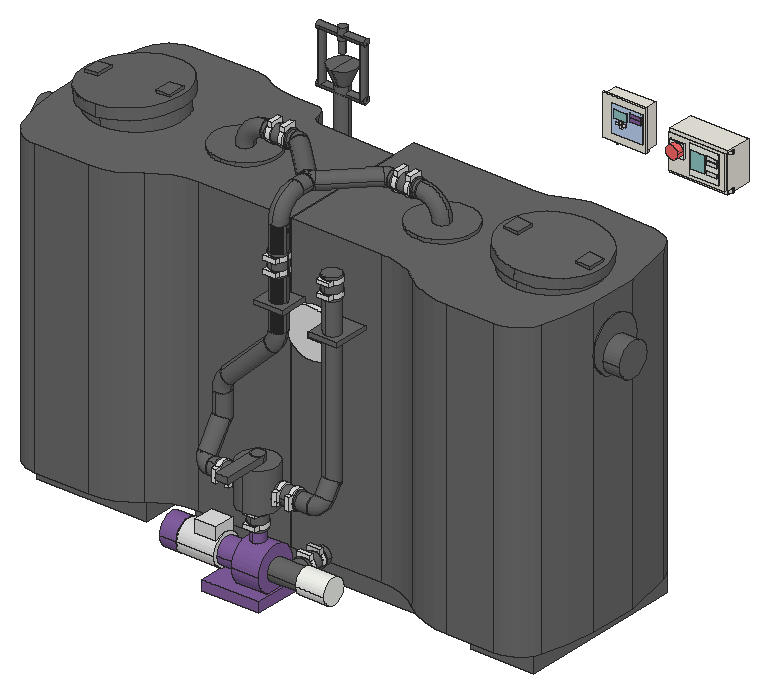
Revit family "93010.02_ms", category Generic Models, Revit 2021
Family settings
  Can host rebar = No
  Round Connector Dimension = Use Diameter
  Part Type = Normal
  Work Plane-Based = No
  Always vertical = Yes
  Cut with Voids When Loaded = No
  Shared = Yes
  Room Calculation Point = No
Parameters (values of type "93010.02_MS")
  SUPPLIER = "KESSEL"
  SA810ID06 = "4026092065051"
  SA810ID03 = "93010.02/MS"
  SA71009ID06 = 3000 W
  SA71009ID05 = 3600 W
  SA71009ID04 = 1
  SA700ID17 = 1255 mm
  SA700ID14 = "ohne Angabe"
  SA700ID13 = 70 mm
  SA700ID09 = 1678 mm
  SA700ID08 = 940 mm
  SA700ID07 = 2590 mm
  SA700ID06 = 1000
  SA700ID05 = 10
  SA700ID04 = "Grease separator EasyClean free NS 10, Mix & Pump, SonicControl"
  SA500ID03 = "Sludge trap, integrated"
  SA400ID03 = "PE (Polyethylen)"
  SA250ID03 = "temperierte Umhausung"
  SA200ID03 = "free-standing set-up"
  SA100ID04 = "Abscheideranlage für Fette (Schlammfang und Fettabscheider)"
  PROCUREWEBLINK = "https://p.caden.as/kessel/93010.02%2FMS"
  PROCURELINK = "p.caden.as/kessel/93010.02%2FMS"
  PROCUREDATALASTUPDATE = "2024-05-22T12:18:15.742569325+01:00"
  PRC_SPECIFICATIONLINK = "https://ausschreiben.de/catalog/kessel/catalogItem/57364cce-6de5-4a7b-8ebc-f47fc08e488d"
  NN = "EasyClean free Mix & Pump grease separator"
  NBSYN = "$SA810ID03."
  NB = "93010.02/MS"
  Model = "93010.02/MS"
  Manufacturer = "KESSEL"
  MIdent = "{$CADENAS_DATA/23d-libs/kessel/kessel_vdi_import/40/abscheideranlage20fuer20fette/easyclean_free_mix_pump.prj},210 {STYP=ASS},{VTYP=3D},{NB=93010.02/MS},{LINA=93010.02/MS},{NN=EasyClean free Mix & Pump grease separator},{DATE=21.12.2022 12:04:43},{GEOMDATE=17.11.2022 09:57:07},{VERSION=},{LINEID=240},{WBVAR=},{WBNUMERIC=}  {NB=93010.02/MS},{LINA=93010.02/MS},{KT=DUMMY},{PREVIEW=../../bilder/ksb_w_9301002ms.png},{SA700ID04=Fettabscheider EasyClean free NS 10, Mix & Pump, SonicControl},{SA810ID06=4026092065051},{SA010ID04=KESSEL AG},{SA810ID03=93010.02/MS},{SA100ID04=Abscheideranlage für Fette (Schlammfang und Fettabscheider)},{SA200ID03=Freiaufstellung},{SA400ID03=PE (Polyethylen)},{SA500ID03=Schlammfang integriert},{SA700ID05=10.00},{SA700ID06=1000},{SA71009ID04=1},{SA71009ID05=3.60},{SA71009ID06=3.00},{SA250ID03=temperierte Umhausung},{SA700ID07=2590},{SA700ID09=1678},{SA700ID13=70},{SA700ID17=1255},{SA700ID08=940},{SA810ID10=\\\"Der Abscheider für fetthaltiges Abwasser ist für die freie Aufstellung in frostgeschützten Räumen geeignet und verzichtet auf metallische Bauteile im Behälter. Der Sammelbehälter aus dauerhaft beständigem Kunststoff (PE) ist mit einem integrierten Schlammfang ausgestattet und besitzt ein konisch zulaufendes Bodenteil für eine schnelle und saubere Entsorgung. Zwei geruchsdichte Deckel mit Schnellspannverschlüssen ermöglichen einen einfachen Zugang für Reinigungs- und Wartungsarbeiten.Das innovative Schredder-Mix-System mit integriertem Zerhacker übernimmt die Homogenisierung und Umwälzung des Behälterinhaltes. Die Reinigung und geruchsneutrale Entsorgung erfolgt dabei über eine außenliegende Pumpe mit 2-Wege-Ventil und Umschalthebel, die mit einem Absperrschieber vom Behälter getrennt werden kann. Nach der Entsorgung sind nur noch max. 3 Liter Schlammrestvolumen im Behälter vorhanden.Die manuelle Steuerung erfolgt durch ein anwenderfreundliches Schaltgerät, das über einen potentialfreien Kontakt in die Gebäudeleittechnik eingebunden werden kann.Gewährleistung auf den Werkstoff PE 20 Jahre.Ausführung:Absperreinrichtung: jaEntsorgungsart: manuelles Entsorgungs- und ReinigungssystemEntsorgungseinrichtung: EntsorgungspumpeEntsorgungsvariante: Mix & PumpFülleinrichtung nach DIN 1988: jaNenngröße (NS): 10Schauglas: jaSchredder-Mix-System: jaSonicControl: jaWasserversorgung: 1 Schraubventil 1\\\"\\\"Tragfähigkeit (DIN 19901): F3Lieferumfang: Storz-B-Kupplung R 2 1/2 \\\"\\\" für SaugwagenanschlussEinbausituation: freie AufstellungAllgemeine Merkmale:Material: PENorm: EN 1825: 2004, DIN 4040-100Abmessungen:Aufstellfläche Länge: 2.822 mmAufstellfläche Breite: 1.108 mmAufstellfläche Höhe: 1.932 mmEinbringmaß Länge: 2.590 mmEinbringmaß Breite: 940 mmEinbringmaß Höhe: 1.678 mmBehälter/Grundkörper:Zulauf Nennweite (DN): 150 mmZulauf Nennweite (DA): 160 mmAuslauf Nennweite (DN): 150Auslauf Nennweite (DA): 160Abstand Rohrsohle Zulauf zu Behälterboden: 1.255 mmAbstand Rohrsohle Auslauf zu Behälterboden: 1.185 mmAnschluss Zu-/Auslaufstutzen: PE-HD-Rohre nach DIN 19537, HT-Rohre nach DIN 19560, PP oder ASDruckabgang (DA): 75 mmDruckabgang (DN): 65 mmNenndruck (PN): 10Abdeckungsmerkmale:Abdeckungsart: DeckelAbdeckung Material: KunststoffAbdeckung Farbe: violettDichtheit: geruchsdichtVerriegelung: SchnellspannverschlussAbwasserinhalt:Abscheiderinhalt: 900 lGesamtvolumen: 1.900 lSchlammfanginhalt: 1.000 lSpeichermenge an Fett: 400 lFördereinrichtung:Pumpe: SPF 300 KE 2.0Anzahl Pumpen: 1Förderhöhe max.: 17 mFörderleistung max.: 60 m3/hBetriebsspannung: 400 VNetzfrequenz: 50 HzBetriebsart: S2 - 30 Min.Leistung P1: 3,6 kWLeistung P2: 3 kWDrehzahl: 2.850 U/minErforderliche Absicherung (Leitungsschutz): Absicherung über Schaltgerät 400 VFörderguttemperatur (dauerhaft) max.: 40 °CAnschlusstyp: DirektanschlussGewicht: 44 kgLaufrad Typ: Radiallaufrad mit ZerhackerLänge Netzanschlussleitung Pumpe: 5 mNennstrom: 6,2 ASchutzart Pumpe: IP 55Schutzklasse: ITyp Anschlussleitung Pumpe: H07RN-F 7G 1,5 mm2Temperaturüberwachung: integriertSteuerung:Schaltgerät: jaBetriebsspannung: 400 VNetzfrequenz: 50 HzSelbstdiagnosesystem (SDS): jaBatteriepufferung: neinMehrzeilige Displayanzeige: neinLogbuchfunktion: neinUSB-Schnittstelle: neinGSM-Schnittstelle: neinPotentialfreier Kontakt: jaErforderliche Absicherung (Leitungsschutz): 3 x C 16 AErforderliche Absicherung (RCD): 30 mAMotorschutz Schalter: jaSchutzart Schaltgerät: IP 54\\\"},{SA700ID14=ohne Angabe},{LODLEVEL=0},{CATEGORY3AA=},{CATEGORY3AB=EasyClean free Mix & Pump},{CATEGORY3AC=},{CATEGORY3AD=},{CATEGORY3AE=},{CATEGORY3AF=},{BEZEICHNUNG=},{BREITE=0.0},{TIEFE=MIN},{HOEHE=MIN},{MASSE=MIN},{LOD_=0,'Low'},{LOD_DEU=0,'Low'},{LOD_3DB=93010.02/MS_0},{DNIN1=150},{DNIN2=10},{DNIN3=10},{DNIN4=10},{DNIN5=MIN},{DNIN6=MIN},{DNIN7=MIN},{DNOUT1=150},{DNOUT2=50},{ISD=80},{ISD2=10},{SA960ID03=103},{SA960ID04=3L},{SA960ID08=http://www.kessel.de/info?han=93010.02/MS},{SA010ID01=010},{SA010ID02=40},{SA010ID06=www.kessel.de},{SA010ID08=4026092000007},{SA100ID01=100},{SA100ID02=1},{SA740ID01=740},{SA200ID01=200},{SA200ID02=1},{SA250ID01=250},{SA250ID02=1},{SA400ID01=400},{SA400ID02=1},{SA500ID01=500},{SA500ID02=1},{SA700ID01=700},{SA700ID02=103},{SA700ID14_=0},{SA71009ID01=710.09},{SA71009ID02=1},{SA71009ID03=SPF 300 KE 2.0},{SA71009ID07=IP55},{SA71009ID08=1},{SA71009ID09=1},{SA71009ID10=60},{SA71009ID11=17},{SA810ID01=810},{SA810ID02=103},{SA810ID04=93010.02/MS},{SA810ID07=103},{SA810ID14=PCE},{LINK=http://www.kessel.de/info?han=93010.02/MS},{LINK_=http://www.kessel.de/info?han=93010.02/MS},{LINK_DEU=http://www.kessel.de/info?han=93010.02/MS},{LODLEVELVIS=Low}"
  LINK = "http://www.kessel.de/info?han=93010.02/MS"
  LINA = "93010.02/MS"
  Default Elevation = 0 mm
  CREATOR = "CADENAS GmbH"
  CATALOG = "KESSEL"
  BOMINFO = "LINA"
  ARTICLENO = "NB"
Reference planes
  plane 1 "Center (Front/Back)": y = 0
  plane 2: z = 0
  plane 3 "Center (Left/Right)": x = 0
Dimensions and locks
  aligned and locked: level to plane 2
Nested families
  nested 1: "93010.02_ms_content" at (0, 0, 0), type "93010.02_MS_Content"
  nested 2: "93010.02_ms_part1_X0Y0" at (1000, 1000, 1500), type "93010.02_MS_PART1_X0Y0"
  nested 3: "93010.02_ms_part2_X0Y0" at (600, 1000, 1500), type "93010.02_MS_PART2_X0Y0"
  nested 4: "93010.02_ms_part3_X0Y0" at (0, 0, 0), type "93010.02_MS_PART3_X0Y0"
Connectors
  electrical at (910.5, 933.5, 1478)
    settings: on nested 2, index 1, voltage 0 V, apparent load 0 VA, apparent load phase1 0 VA, apparent load phase2 0 VA, apparent load phase3 0 VA, power factor 1, load classification "Other", number of poles 1, system type 31, power factor state 1, is connector primary yes, connector utility no, sub classification motor no, connector description ""
  electrical at (536, 972.5, 1469)
    settings: on nested 3, index 2, voltage 0 V, apparent load 0 VA, apparent load phase1 0 VA, apparent load phase2 0 VA, apparent load phase3 0 VA, power factor 1, load classification "Other", number of poles 1, system type 31, power factor state 1, is connector primary no, connector utility no, sub classification motor no, connector description ""
  piping at (-1440.3, 0, 1336), diameter 150
    settings: on nested 4, index 3, connector inside diameter 609.6 mm, connector length 0 mm, flow factor 0, pipe flow 0.0 L/s, pressure drop 0.0 Pa, fitting loss kfactor 0, connector angle 0.00°, fixture units 0, engagement length 0 mm, angle of deflection 0.00°, flow configuration 0, flow direction 1, fitting loss method 2, system type 8, joint type 0, gender type 0, connector reference index -1, connector utility 0, adjustable connector no, is connector primary yes, connector description ""
  piping at (-305, 374, 1937.9), diameter 10
    settings: on nested 4, index 4, connector inside diameter 609.6 mm, connector length 0 mm, flow factor 0, pipe flow 0.0 L/s, pressure drop 0.0 Pa, fitting loss kfactor 0, connector angle 0.00°, fixture units 0, engagement length 0 mm, angle of deflection 0.00°, flow configuration 0, flow direction 1, fitting loss method 2, system type 8, joint type 0, gender type 0, connector reference index -1, connector utility 0, adjustable connector no, is connector primary no, connector description ""
  piping at (290, -432.5, 1442), diameter 10
    settings: on nested 4, index 5, connector inside diameter 609.6 mm, connector length 0 mm, flow factor 0, pipe flow 0.0 L/s, pressure drop 0.0 Pa, fitting loss kfactor 0, connector angle 0.00°, fixture units 0, engagement length 0 mm, angle of deflection 0.00°, flow configuration 0, flow direction 1, fitting loss method 2, system type 8, joint type 0, gender type 0, connector reference index -1, connector utility 0, adjustable connector no, is connector primary no, connector description ""
  piping at (1387.2, 0, 1265), diameter 150
    settings: on nested 4, index 6, connector inside diameter 609.6 mm, connector length 0 mm, flow factor 0, pipe flow 0.0 L/s, pressure drop 0.0 Pa, fitting loss kfactor 0, connector angle 0.00°, fixture units 0, engagement length 0 mm, angle of deflection 0.00°, flow configuration 0, flow direction 2, fitting loss method 2, system type 7, joint type 0, gender type 0, connector reference index -1, connector utility 0, adjustable connector no, is connector primary no, connector description ""
  electrical at (-212, -514.5, 248.5)
    settings: on nested 4, index 7, voltage 0 V, apparent load 0 VA, apparent load phase1 0 VA, apparent load phase2 0 VA, apparent load phase3 0 VA, power factor 1, load classification "Other", number of poles 1, system type 31, power factor state 1, is connector primary no, connector utility no, sub classification motor no, connector description ""
Definition of nested family "93010.02_ms_part1_X0Y0"
  Parameters (values of type "93010.02_MS_PART1_X0Y0")
    SUPPLIER = "KESSEL"
    SA810ID06 = "4026092065051"
    SA810ID03 = "93010.02/MS"
    SA71009ID06 = 3000 W
    SA71009ID05 = 3600 W
    SA71009ID04 = 1
    SA700ID17 = 1255 mm
    SA700ID14 = "ohne Angabe"
    SA700ID13 = 70 mm
    SA700ID09 = 1678 mm
    SA700ID08 = 940 mm
    SA700ID07 = 2590 mm
    SA700ID06 = 1000
    SA700ID05 = 10
    SA700ID04 = "Grease separator EasyClean free NS 10, Mix & Pump, SonicControl"
    SA500ID03 = "Sludge trap, integrated"
    SA400ID03 = "PE (Polyethylen)"
    SA250ID03 = "temperierte Umhausung"
    SA200ID03 = "free-standing set-up"
    SA100ID04 = "Abscheideranlage für Fette (Schlammfang und Fettabscheider)"
    NBSYN = "$SA810ID03._PART1"
    NB = "93010.02/MS_PART1"
    Model = "93010.02/MS_PART1"
    Manufacturer = "KESSEL"
    MIdent = "{$CADENAS_DATA/23d-libs/kessel/kessel_vdi_import/40/abscheideranlage20fuer20fette/easyclean_free_mix_pump.prj},230 {VTYP=3D},{NB=93010.02/MS_PART1},{LINA=93010.02/MS_PART1},{NN=EasyClean free Mix & Pump grease separator_PART1},{NOPRJ=TRUE},{DATE=21.12.2022 12:04:43},{GEOMDATE=17.11.2022 09:57:07},{VERSION=},{LINEID=240},{WBVAR=},{WBNUMERIC=}  {NB=93010.02/MS_PART1},{LINA=93010.02/MS_PART1},{KT=DUMMY},{PREVIEW=../../bilder/ksb_w_9301002ms.png},{SA700ID04=Fettabscheider EasyClean free NS 10, Mix & Pump, SonicControl},{SA810ID06=4026092065051},{SA010ID04=KESSEL AG},{SA810ID03=93010.02/MS},{SA100ID04=Abscheideranlage für Fette (Schlammfang und Fettabscheider)},{SA200ID03=Freiaufstellung},{SA400ID03=PE (Polyethylen)},{SA500ID03=Schlammfang integriert},{SA700ID05=10.00},{SA700ID06=1000},{SA71009ID04=1},{SA71009ID05=3.60},{SA71009ID06=3.00},{SA250ID03=temperierte Umhausung},{SA700ID07=2590},{SA700ID09=1678},{SA700ID13=70},{SA700ID17=1255},{SA700ID08=940},{SA810ID10=\\\"Der Abscheider für fetthaltiges Abwasser ist für die freie Aufstellung in frostgeschützten Räumen geeignet und verzichtet auf metallische Bauteile im Behälter. Der Sammelbehälter aus dauerhaft beständigem Kunststoff (PE) ist mit einem integrierten Schlammfang ausgestattet und besitzt ein konisch zulaufendes Bodenteil für eine schnelle und saubere Entsorgung. Zwei geruchsdichte Deckel mit Schnellspannverschlüssen ermöglichen einen einfachen Zugang für Reinigungs- und Wartungsarbeiten.Das innovative Schredder-Mix-System mit integriertem Zerhacker übernimmt die Homogenisierung und Umwälzung des Behälterinhaltes. Die Reinigung und geruchsneutrale Entsorgung erfolgt dabei über eine außenliegende Pumpe mit 2-Wege-Ventil und Umschalthebel, die mit einem Absperrschieber vom Behälter getrennt werden kann. Nach der Entsorgung sind nur noch max. 3 Liter Schlammrestvolumen im Behälter vorhanden.Die manuelle Steuerung erfolgt durch ein anwenderfreundliches Schaltgerät, das über einen potentialfreien Kontakt in die Gebäudeleittechnik eingebunden werden kann.Gewährleistung auf den Werkstoff PE 20 Jahre.Ausführung:Absperreinrichtung: jaEntsorgungsart: manuelles Entsorgungs- und ReinigungssystemEntsorgungseinrichtung: EntsorgungspumpeEntsorgungsvariante: Mix & PumpFülleinrichtung nach DIN 1988: jaNenngröße (NS): 10Schauglas: jaSchredder-Mix-System: jaSonicControl: jaWasserversorgung: 1 Schraubventil 1\\\"\\\"Tragfähigkeit (DIN 19901): F3Lieferumfang: Storz-B-Kupplung R 2 1/2 \\\"\\\" für SaugwagenanschlussEinbausituation: freie AufstellungAllgemeine Merkmale:Material: PENorm: EN 1825: 2004, DIN 4040-100Abmessungen:Aufstellfläche Länge: 2.822 mmAufstellfläche Breite: 1.108 mmAufstellfläche Höhe: 1.932 mmEinbringmaß Länge: 2.590 mmEinbringmaß Breite: 940 mmEinbringmaß Höhe: 1.678 mmBehälter/Grundkörper:Zulauf Nennweite (DN): 150 mmZulauf Nennweite (DA): 160 mmAuslauf Nennweite (DN): 150Auslauf Nennweite (DA): 160Abstand Rohrsohle Zulauf zu Behälterboden: 1.255 mmAbstand Rohrsohle Auslauf zu Behälterboden: 1.185 mmAnschluss Zu-/Auslaufstutzen: PE-HD-Rohre nach DIN 19537, HT-Rohre nach DIN 19560, PP oder ASDruckabgang (DA): 75 mmDruckabgang (DN): 65 mmNenndruck (PN): 10Abdeckungsmerkmale:Abdeckungsart: DeckelAbdeckung Material: KunststoffAbdeckung Farbe: violettDichtheit: geruchsdichtVerriegelung: SchnellspannverschlussAbwasserinhalt:Abscheiderinhalt: 900 lGesamtvolumen: 1.900 lSchlammfanginhalt: 1.000 lSpeichermenge an Fett: 400 lFördereinrichtung:Pumpe: SPF 300 KE 2.0Anzahl Pumpen: 1Förderhöhe max.: 17 mFörderleistung max.: 60 m3/hBetriebsspannung: 400 VNetzfrequenz: 50 HzBetriebsart: S2 - 30 Min.Leistung P1: 3,6 kWLeistung P2: 3 kWDrehzahl: 2.850 U/minErforderliche Absicherung (Leitungsschutz): Absicherung über Schaltgerät 400 VFörderguttemperatur (dauerhaft) max.: 40 °CAnschlusstyp: DirektanschlussGewicht: 44 kgLaufrad Typ: Radiallaufrad mit ZerhackerLänge Netzanschlussleitung Pumpe: 5 mNennstrom: 6,2 ASchutzart Pumpe: IP 55Schutzklasse: ITyp Anschlussleitung Pumpe: H07RN-F 7G 1,5 mm2Temperaturüberwachung: integriertSteuerung:Schaltgerät: jaBetriebsspannung: 400 VNetzfrequenz: 50 HzSelbstdiagnosesystem (SDS): jaBatteriepufferung: neinMehrzeilige Displayanzeige: neinLogbuchfunktion: neinUSB-Schnittstelle: neinGSM-Schnittstelle: neinPotentialfreier Kontakt: jaErforderliche Absicherung (Leitungsschutz): 3 x C 16 AErforderliche Absicherung (RCD): 30 mAMotorschutz Schalter: jaSchutzart Schaltgerät: IP 54\\\"},{SA700ID14=ohne Angabe},{LODLEVEL=0},{CATEGORY3AA=},{CATEGORY3AB=EasyClean free Mix & Pump},{CATEGORY3AC=},{CATEGORY3AD=},{CATEGORY3AE=},{CATEGORY3AF=},{BEZEICHNUNG=},{BREITE=0.0},{TIEFE=MIN},{HOEHE=MIN},{MASSE=MIN},{LOD_=0,'Low'},{LOD_DEU=0,'Low'},{LOD_3DB=93010.02/MS_0},{DNIN1=150},{DNIN2=10},{DNIN3=10},{DNIN4=10},{DNIN5=MIN},{DNIN6=MIN},{DNIN7=MIN},{DNOUT1=150},{DNOUT2=50},{ISD=80},{ISD2=10},{SA960ID03=103},{SA960ID04=3L},{SA960ID08=http://www.kessel.de/info?han=93010.02/MS},{SA010ID01=010},{SA010ID02=40},{SA010ID06=www.kessel.de},{SA010ID08=4026092000007},{SA100ID01=100},{SA100ID02=1},{SA740ID01=740},{SA200ID01=200},{SA200ID02=1},{SA250ID01=250},{SA250ID02=1},{SA400ID01=400},{SA400ID02=1},{SA500ID01=500},{SA500ID02=1},{SA700ID01=700},{SA700ID02=103},{SA700ID14_=0},{SA71009ID01=710.09},{SA71009ID02=1},{SA71009ID03=SPF 300 KE 2.0},{SA71009ID07=IP55},{SA71009ID08=1},{SA71009ID09=1},{SA71009ID10=60},{SA71009ID11=17},{SA810ID01=810},{SA810ID02=103},{SA810ID04=93010.02/MS},{SA810ID07=103},{SA810ID14=PCE},{LINK=http://www.kessel.de/info?han=93010.02/MS},{LINK_=http://www.kessel.de/info?han=93010.02/MS},{LINK_DEU=http://www.kessel.de/info?han=93010.02/MS},{LODLEVELVIS=Low}"
    LINK = "http://www.kessel.de/info?han=93010.02/MS"
    LINA = "93010.02/MS_PART1"
    Default Elevation = 1219.2 mm
    CREATOR = "CADENAS GmbH"
    CATALOG = "KESSEL"
    BOMINFO = "LINA"
    ARTICLENO = "NB"
  Reference planes
    plane 1 "Center (Front/Back)": y = 0
    plane 2: z = 0
    plane 3 "Center (Left/Right)": x = 0
  Dimensions and locks
    aligned and locked: level to plane 2
  Nested families
    nested 1: "93010.02_ms_part1_content" at (0, 0, 0), type "93010.02_MS_PART1_Content"
  Definition of nested family "93010.02_ms_part1_content"
    Parameters (values of type "93010.02_MS_PART1_Content")
      SUPPLIER = "KESSEL"
      SA810ID06 = "4026092065051"
      SA810ID03 = "93010.02/MS"
      SA71009ID06 = 3000 W
      SA71009ID05 = 3600 W
      SA71009ID04 = 1
      SA700ID17 = 1255 mm
      SA700ID14 = "ohne Angabe"
      SA700ID13 = 70 mm
      SA700ID09 = 1678 mm
      SA700ID08 = 940 mm
      SA700ID07 = 2590 mm
      SA700ID06 = 1000
      SA700ID05 = 10
      SA700ID04 = "Grease separator EasyClean free NS 10, Mix & Pump, SonicControl"
      SA500ID03 = "Sludge trap, integrated"
      SA400ID03 = "PE (Polyethylen)"
      SA250ID03 = "temperierte Umhausung"
      SA200ID03 = "free-standing set-up"
      SA100ID04 = "Abscheideranlage für Fette (Schlammfang und Fettabscheider)"
      NBSYN = "$SA810ID03._PART1"
      NB = "93010.02/MS_PART1"
      Model = "93010.02/MS_PART1"
      Manufacturer = "KESSEL"
      LINK = "http://www.kessel.de/info?han=93010.02/MS"
      LINA = "93010.02/MS_PART1"
      Default Elevation = 1219.2 mm
      CREATOR = "CADENAS GmbH"
      CATALOG = "KESSEL"
      BOMINFO = "LINA"
      ARTICLENO = "NB"
    Reference planes
      plane 1 "Center (Front/Back)": y = 0
      plane 2: z = 0
      plane 3 "Center (Left/Right)": x = 0
    Forms (mm)
      Extrusion 1, solid, detail levels medium+fine
        sketch origin (139, 0, 0) x (0, -1, 0) y (0, 0, 1)
          loop
            line (0, 188) -> (0, 0) -> (122.5, 0) -> (122.5, 188) -> (0, 188)
        from 0 to 278
      Extrusion 2, solid, detail levels medium+fine
        sketch origin (130, -122.5, 14) x (0, -1, 0) y (0, 0, 1)
          loop
            line (0, 160) -> (0, 0) -> (5, 0) -> (5, 160) -> (0, 160)
        from 0 to 269
      Extrusion 3, solid, detail levels medium+fine
        sketch origin (100, -127.5, 26) x (0, -1, 0) y (0, 0, 1)
          loop
            line (-1.5, 135) -> (-1.5, 0) -> (0.2, 0) -> (0.2, 135) -> (-1.5, 135)
        from 0 to 140
      Extrusion 4, solid, detail levels medium+fine
        sketch origin (32.5, -127.7, 55) x (0, -1, 0) y (0, 0, 1)
          loop
            line (-1.5, 79) -> (-1.5, 0) -> (0.1, 0) -> (0.1, 79) -> (-1.5, 79)
        from 0 to 65
      Extrusion 5, solid, detail levels medium+fine
        sketch origin (92.5, -127.7, 97) x (0, -1, 0) y (0, 0, 1)
          loop
            line (-1.5, 16) -> (-1.5, 0) -> (0.1, 0) -> (0.1, 16) -> (-1.5, 16)
        from 0 to 51
      Extrusion 6, solid, detail levels medium+fine
        sketch origin (92.5, -127.7, 55) x (0, -1, 0) y (0, 0, 1)
          loop
            line (-1.5, 16) -> (-1.5, 0) -> (0.1, 0) -> (0.1, 16) -> (-1.5, 16)
        from 0 to 51
      Extrusion 7, solid, detail levels medium+fine
        sketch origin (92.5, -127.7, 118) x (0, -1, 0) y (0, 0, 1)
          loop
            line (-1.5, 16) -> (-1.5, 0) -> (0.1, 0) -> (0.1, 16) -> (-1.5, 16)
        from 0 to 51
      Extrusion 8, solid, detail levels medium+fine
        sketch origin (0.25, -66.5, 1.5) x (0.866025, 0.5, 0) y (0.5, -0.866025, 0)
          loop
            circle (0, 0) r 10
        from 0 to 2.5
      Extrusion 9, solid, detail levels medium+fine
        sketch origin (-63, -127.5, 84) x (0, -1, 0) y (0, 0, 1)
          loop
            line (0, 67) -> (0, 0) -> (7, 0) -> (7, 67) -> (0, 67)
        from 0 to 67
      Extrusion 10, solid, detail levels medium+fine
        sketch origin (-96.5, -134.5, 117.5) x (1, 0, 0) y (0, 0, 1)
          loop
            circle (0, 0) r 29.5
        from 0 to 29
      Extrusion 11, solid, detail levels medium+fine
        sketch origin (30.25, -66.5, 1.5) x (0.866025, 0.5, 0) y (0.5, -0.866025, 0)
          loop
            circle (0, 0) r 10
        from 0 to 2.5
      Extrusion 12, solid, detail levels medium+fine
        sketch origin (60.25, -66.5, 1.5) x (0.866025, 0.5, 0) y (0.5, -0.866025, 0)
          loop
            circle (0, 0) r 10
        from 0 to 2.5
      Extrusion 13, solid, detail levels medium+fine
        sketch origin (-44.5, -66.5, 0) x (0.866025, 0.5, 0) y (0.5, -0.866025, 0)
          loop
            line (0, 17.321) -> (-15, 8.66) -> (-15, -8.66) -> (0, -17.321) -> (15, -8.66) -> (15, 8.66) -> (0, 17.321)
        from 0 to 22
      Extrusion 14, solid, detail levels medium+fine
        sketch origin (-89.5, -66.5, 0) x (0.866025, 0.5, 0) y (0.5, -0.866025, 0)
          loop
            line (0, 17.321) -> (-15, 8.66) -> (-15, -8.66) -> (0, -17.321) -> (15, -8.66) -> (15, 8.66) -> (0, 17.321)
        from 0 to 22
      Extrusion 15, solid, detail levels medium+fine
        sketch origin (-128, 0, 177) x (-1, 0, 0) y (0, 0, 1)
          loop
            circle (0, 0) r 7.5
        from 0 to 2
      Extrusion 16, solid, detail levels medium+fine
        sketch origin (-128, 0, 11) x (-1, 0, 0) y (0, 0, 1)
          loop
            circle (0, 0) r 7.5
        from 0 to 2
      Extrusion 17, solid, detail levels medium+fine
        sketch origin (128, 0, 11) x (-1, 0, 0) y (0, 0, 1)
          loop
            circle (0, 0) r 7.5
        from 0 to 2
      Extrusion 18, solid, detail levels medium+fine
        sketch origin (128, 0, 177) x (-1, 0, 0) y (0, 0, 1)
          loop
            circle (0, 0) r 7.5
        from 0 to 2
      Extrusion 19, solid, detail levels medium+fine
        sketch origin (143.5, -100.5, 170) x (-1, 0, 0) y (0, -1, 0)
          loop
            circle (0, 0) r 5
        from 0 to 14
      Extrusion 20, solid, detail levels medium+fine
        sketch origin (139, -100.5, 170) x (0, -1, 0) y (1, 0, 0)
          loop
            line (0, 9.5) -> (0, 0) -> (20, 0) -> (0, 9.5)
        from 0 to 14
      Extrusion 21, solid, detail levels medium+fine
        sketch origin (143.5, -100.5, 4) x (-1, 0, 0) y (0, -1, 0)
          loop
            circle (0, 0) r 5
        from 0 to 14
      Extrusion 22, solid, detail levels medium+fine
        sketch origin (139, -100.5, 4) x (0, -1, 0) y (1, 0, 0)
          loop
            line (0, 9.5) -> (0, 0) -> (20, 0) -> (0, 9.5)
        from 0 to 14
      Extrusion 23, solid, detail levels coarse
        sketch origin (4.75, -80.75, -22) x (1, 0, 0) y (0, 1, 0)
          loop
            line (-143.75, -82.75) -> (143.75, -82.75) -> (143.75, 82.75) -> (-143.75, 82.75) -> (-143.75, -82.75)
        from 0 to 210
    Dimensions and locks
      aligned and locked: level to plane 2
Definition of nested family "93010.02_ms_part2_X0Y0"
  Parameters (values of type "93010.02_MS_PART2_X0Y0")
    SUPPLIER = "KESSEL"
    SA810ID06 = "4026092065051"
    SA810ID03 = "93010.02/MS"
    SA71009ID06 = 3000 W
    SA71009ID05 = 3600 W
    SA71009ID04 = 1
    SA700ID17 = 1255 mm
    SA700ID14 = "ohne Angabe"
    SA700ID13 = 70 mm
    SA700ID09 = 1678 mm
    SA700ID08 = 940 mm
    SA700ID07 = 2590 mm
    SA700ID06 = 1000
    SA700ID05 = 10
    SA700ID04 = "Grease separator EasyClean free NS 10, Mix & Pump, SonicControl"
    SA500ID03 = "Sludge trap, integrated"
    SA400ID03 = "PE (Polyethylen)"
    SA250ID03 = "temperierte Umhausung"
    SA200ID03 = "free-standing set-up"
    SA100ID04 = "Abscheideranlage für Fette (Schlammfang und Fettabscheider)"
    NBSYN = "$SA810ID03._PART2"
    NB = "93010.02/MS_PART2"
    Model = "93010.02/MS_PART2"
    Manufacturer = "KESSEL"
    MIdent = "{$CADENAS_DATA/23d-libs/kessel/kessel_vdi_import/40/abscheideranlage20fuer20fette/easyclean_free_mix_pump.prj},230 {VTYP=3D},{NB=93010.02/MS_PART2},{LINA=93010.02/MS_PART2},{NN=EasyClean free Mix & Pump grease separator_PART2},{NOPRJ=TRUE},{DATE=21.12.2022 12:04:43},{GEOMDATE=17.11.2022 09:57:07},{VERSION=},{LINEID=240},{WBVAR=},{WBNUMERIC=}  {NB=93010.02/MS_PART2},{LINA=93010.02/MS_PART2},{KT=DUMMY},{PREVIEW=../../bilder/ksb_w_9301002ms.png},{SA700ID04=Fettabscheider EasyClean free NS 10, Mix & Pump, SonicControl},{SA810ID06=4026092065051},{SA010ID04=KESSEL AG},{SA810ID03=93010.02/MS},{SA100ID04=Abscheideranlage für Fette (Schlammfang und Fettabscheider)},{SA200ID03=Freiaufstellung},{SA400ID03=PE (Polyethylen)},{SA500ID03=Schlammfang integriert},{SA700ID05=10.00},{SA700ID06=1000},{SA71009ID04=1},{SA71009ID05=3.60},{SA71009ID06=3.00},{SA250ID03=temperierte Umhausung},{SA700ID07=2590},{SA700ID09=1678},{SA700ID13=70},{SA700ID17=1255},{SA700ID08=940},{SA810ID10=\\\"Der Abscheider für fetthaltiges Abwasser ist für die freie Aufstellung in frostgeschützten Räumen geeignet und verzichtet auf metallische Bauteile im Behälter. Der Sammelbehälter aus dauerhaft beständigem Kunststoff (PE) ist mit einem integrierten Schlammfang ausgestattet und besitzt ein konisch zulaufendes Bodenteil für eine schnelle und saubere Entsorgung. Zwei geruchsdichte Deckel mit Schnellspannverschlüssen ermöglichen einen einfachen Zugang für Reinigungs- und Wartungsarbeiten.Das innovative Schredder-Mix-System mit integriertem Zerhacker übernimmt die Homogenisierung und Umwälzung des Behälterinhaltes. Die Reinigung und geruchsneutrale Entsorgung erfolgt dabei über eine außenliegende Pumpe mit 2-Wege-Ventil und Umschalthebel, die mit einem Absperrschieber vom Behälter getrennt werden kann. Nach der Entsorgung sind nur noch max. 3 Liter Schlammrestvolumen im Behälter vorhanden.Die manuelle Steuerung erfolgt durch ein anwenderfreundliches Schaltgerät, das über einen potentialfreien Kontakt in die Gebäudeleittechnik eingebunden werden kann.Gewährleistung auf den Werkstoff PE 20 Jahre.Ausführung:Absperreinrichtung: jaEntsorgungsart: manuelles Entsorgungs- und ReinigungssystemEntsorgungseinrichtung: EntsorgungspumpeEntsorgungsvariante: Mix & PumpFülleinrichtung nach DIN 1988: jaNenngröße (NS): 10Schauglas: jaSchredder-Mix-System: jaSonicControl: jaWasserversorgung: 1 Schraubventil 1\\\"\\\"Tragfähigkeit (DIN 19901): F3Lieferumfang: Storz-B-Kupplung R 2 1/2 \\\"\\\" für SaugwagenanschlussEinbausituation: freie AufstellungAllgemeine Merkmale:Material: PENorm: EN 1825: 2004, DIN 4040-100Abmessungen:Aufstellfläche Länge: 2.822 mmAufstellfläche Breite: 1.108 mmAufstellfläche Höhe: 1.932 mmEinbringmaß Länge: 2.590 mmEinbringmaß Breite: 940 mmEinbringmaß Höhe: 1.678 mmBehälter/Grundkörper:Zulauf Nennweite (DN): 150 mmZulauf Nennweite (DA): 160 mmAuslauf Nennweite (DN): 150Auslauf Nennweite (DA): 160Abstand Rohrsohle Zulauf zu Behälterboden: 1.255 mmAbstand Rohrsohle Auslauf zu Behälterboden: 1.185 mmAnschluss Zu-/Auslaufstutzen: PE-HD-Rohre nach DIN 19537, HT-Rohre nach DIN 19560, PP oder ASDruckabgang (DA): 75 mmDruckabgang (DN): 65 mmNenndruck (PN): 10Abdeckungsmerkmale:Abdeckungsart: DeckelAbdeckung Material: KunststoffAbdeckung Farbe: violettDichtheit: geruchsdichtVerriegelung: SchnellspannverschlussAbwasserinhalt:Abscheiderinhalt: 900 lGesamtvolumen: 1.900 lSchlammfanginhalt: 1.000 lSpeichermenge an Fett: 400 lFördereinrichtung:Pumpe: SPF 300 KE 2.0Anzahl Pumpen: 1Förderhöhe max.: 17 mFörderleistung max.: 60 m3/hBetriebsspannung: 400 VNetzfrequenz: 50 HzBetriebsart: S2 - 30 Min.Leistung P1: 3,6 kWLeistung P2: 3 kWDrehzahl: 2.850 U/minErforderliche Absicherung (Leitungsschutz): Absicherung über Schaltgerät 400 VFörderguttemperatur (dauerhaft) max.: 40 °CAnschlusstyp: DirektanschlussGewicht: 44 kgLaufrad Typ: Radiallaufrad mit ZerhackerLänge Netzanschlussleitung Pumpe: 5 mNennstrom: 6,2 ASchutzart Pumpe: IP 55Schutzklasse: ITyp Anschlussleitung Pumpe: H07RN-F 7G 1,5 mm2Temperaturüberwachung: integriertSteuerung:Schaltgerät: jaBetriebsspannung: 400 VNetzfrequenz: 50 HzSelbstdiagnosesystem (SDS): jaBatteriepufferung: neinMehrzeilige Displayanzeige: neinLogbuchfunktion: neinUSB-Schnittstelle: neinGSM-Schnittstelle: neinPotentialfreier Kontakt: jaErforderliche Absicherung (Leitungsschutz): 3 x C 16 AErforderliche Absicherung (RCD): 30 mAMotorschutz Schalter: jaSchutzart Schaltgerät: IP 54\\\"},{SA700ID14=ohne Angabe},{LODLEVEL=0},{CATEGORY3AA=},{CATEGORY3AB=EasyClean free Mix & Pump},{CATEGORY3AC=},{CATEGORY3AD=},{CATEGORY3AE=},{CATEGORY3AF=},{BEZEICHNUNG=},{BREITE=0.0},{TIEFE=MIN},{HOEHE=MIN},{MASSE=MIN},{LOD_=0,'Low'},{LOD_DEU=0,'Low'},{LOD_3DB=93010.02/MS_0},{DNIN1=150},{DNIN2=10},{DNIN3=10},{DNIN4=10},{DNIN5=MIN},{DNIN6=MIN},{DNIN7=MIN},{DNOUT1=150},{DNOUT2=50},{ISD=80},{ISD2=10},{SA960ID03=103},{SA960ID04=3L},{SA960ID08=http://www.kessel.de/info?han=93010.02/MS},{SA010ID01=010},{SA010ID02=40},{SA010ID06=www.kessel.de},{SA010ID08=4026092000007},{SA100ID01=100},{SA100ID02=1},{SA740ID01=740},{SA200ID01=200},{SA200ID02=1},{SA250ID01=250},{SA250ID02=1},{SA400ID01=400},{SA400ID02=1},{SA500ID01=500},{SA500ID02=1},{SA700ID01=700},{SA700ID02=103},{SA700ID14_=0},{SA71009ID01=710.09},{SA71009ID02=1},{SA71009ID03=SPF 300 KE 2.0},{SA71009ID07=IP55},{SA71009ID08=1},{SA71009ID09=1},{SA71009ID10=60},{SA71009ID11=17},{SA810ID01=810},{SA810ID02=103},{SA810ID04=93010.02/MS},{SA810ID07=103},{SA810ID14=PCE},{LINK=http://www.kessel.de/info?han=93010.02/MS},{LINK_=http://www.kessel.de/info?han=93010.02/MS},{LINK_DEU=http://www.kessel.de/info?han=93010.02/MS},{LODLEVELVIS=Low}"
    LINK = "http://www.kessel.de/info?han=93010.02/MS"
    LINA = "93010.02/MS_PART2"
    Default Elevation = 1219.2 mm
    CREATOR = "CADENAS GmbH"
    CATALOG = "KESSEL"
    BOMINFO = "LINA"
    ARTICLENO = "NB"
  Reference planes
    plane 1 "Center (Front/Back)": y = 0
    plane 2: z = 0
    plane 3 "Center (Left/Right)": x = 0
  Dimensions and locks
    aligned and locked: level to plane 2
  Nested families
    nested 1: "93010.02_ms_part2_content" at (0, 0, 0), type "93010.02_MS_PART2_Content"
  Definition of nested family "93010.02_ms_part2_content"
    Parameters (values of type "93010.02_MS_PART2_Content")
      SUPPLIER = "KESSEL"
      SA810ID06 = "4026092065051"
      SA810ID03 = "93010.02/MS"
      SA71009ID06 = 3000 W
      SA71009ID05 = 3600 W
      SA71009ID04 = 1
      SA700ID17 = 1255 mm
      SA700ID14 = "ohne Angabe"
      SA700ID13 = 70 mm
      SA700ID09 = 1678 mm
      SA700ID08 = 940 mm
      SA700ID07 = 2590 mm
      SA700ID06 = 1000
      SA700ID05 = 10
      SA700ID04 = "Grease separator EasyClean free NS 10, Mix & Pump, SonicControl"
      SA500ID03 = "Sludge trap, integrated"
      SA400ID03 = "PE (Polyethylen)"
      SA250ID03 = "temperierte Umhausung"
      SA200ID03 = "free-standing set-up"
      SA100ID04 = "Abscheideranlage für Fette (Schlammfang und Fettabscheider)"
      NBSYN = "$SA810ID03._PART2"
      NB = "93010.02/MS_PART2"
      Model = "93010.02/MS_PART2"
      Manufacturer = "KESSEL"
      LINK = "http://www.kessel.de/info?han=93010.02/MS"
      LINA = "93010.02/MS_PART2"
      Default Elevation = 1219.2 mm
      CREATOR = "CADENAS GmbH"
      CATALOG = "KESSEL"
      BOMINFO = "LINA"
      ARTICLENO = "NB"
    Reference planes
      plane 1 "Center (Front/Back)": y = 0
      plane 2: z = 0
      plane 3 "Center (Left/Right)": x = 0
    Forms (mm)
      Extrusion 1, solid, detail levels medium+fine
        sketch origin (94, 0, 5) x (0, -1, 0) y (0, 0, 1)
          loop
            line (0, 184) -> (0, 0) -> (64.5, 0) -> (64.5, 184) -> (0, 184)
        from 0 to 188
      Extrusion 2, solid, detail levels medium+fine
        sketch origin (104, -64.5, 0) x (0, -1, 0) y (0, 0, 1)
          loop
            line (0, 194) -> (0, 0) -> (3.5, 0) -> (3.5, 194) -> (0, 194)
        from 0 to 208
      Extrusion 3, solid, detail levels medium+fine
        sketch origin (86.3, -68, 33.2) x (0, -1, 0) y (0, 0, 1)
          loop
            line (-0.5, 127) -> (-0.5, 0) -> (1, 0) -> (1, 127) -> (-0.5, 127)
        from 0 to 146
      Extrusion 4, solid, detail levels medium+fine
        sketch origin (6.8, -69, 77.2) x (0, -1, 0) y (0, 0, 1)
          loop
            line (-0.5, 12) -> (-0.5, 0) -> (1, 0) -> (1, 12) -> (-0.5, 12)
        from 0 to 12
      Extrusion 5, solid, detail levels medium+fine
        sketch origin (-9.7, -69, 85.45) x (0, -1, 0) y (0, 0, 1)
          loop
            line (-0.5, 12) -> (-0.5, 0) -> (1, 0) -> (1, 12) -> (-0.5, 12)
        from 0 to 12
      Extrusion 6, solid, detail levels medium+fine
        sketch origin (-9.7, -69, 68.95) x (0, -1, 0) y (0, 0, 1)
          loop
            line (-0.5, 12) -> (-0.5, 0) -> (1, 0) -> (1, 12) -> (-0.5, 12)
        from 0 to 12
      Extrusion 7, solid, detail levels medium+fine
        sketch origin (13.3, -69, 100.45) x (0, -1, 0) y (0, 0, 1)
          loop
            line (-0.5, 37) -> (-0.5, 0) -> (1, 0) -> (1, 37) -> (-0.5, 37)
        from 0 to 65
      Extrusion 8, solid, detail levels medium+fine
        sketch origin (78.8, -69, 110.7) x (0, -1, 0) y (0, 0, 1)
          loop
            line (-0.5, 16) -> (-0.5, 0) -> (1, 0) -> (1, 16) -> (-0.5, 16)
        from 0 to 51
      Extrusion 9, solid, detail levels medium+fine
        sketch origin (-26.2, -69, 77.2) x (0, -1, 0) y (0, 0, 1)
          loop
            line (-0.5, 12) -> (-0.5, 0) -> (1, 0) -> (1, 12) -> (-0.5, 12)
        from 0 to 12
      Extrusion 10, solid, detail levels medium+fine
        sketch origin (78.75, -69, 130.75) x (0, -1, 0) y (0, 0, 1)
          loop
            line (-0.5, 16) -> (-0.5, 0) -> (1, 0) -> (1, 16) -> (-0.5, 16)
        from 0 to 51
      Extrusion 11, solid, detail levels medium+fine
        sketch origin (-64, -27.5, 5) x (1, 0, 0) y (0, -1, 0)
          loop
            circle (0, 0) r 12
        from 0 to 26
      Extrusion 12, solid, detail levels medium+fine
        sketch origin (-64, -27.5, -21) x (1, 0, 0) y (0, -1, 0)
          loop
            circle (0, 0) r 5
        from 0 to 10
      Extrusion 13, solid, detail levels medium+fine
        sketch origin (67, -27.5, 5) x (1, 0, 0) y (0, -1, 0)
          loop
            circle (0, 0) r 12
        from 0 to 26
      Extrusion 14, solid, detail levels coarse
        sketch origin (0, -35, -31) x (1, 0, 0) y (0, 1, 0)
          loop
            line (-104, -35) -> (104, -35) -> (104, 35) -> (-104, 35) -> (-104, -35)
        from 0 to 225
    Dimensions and locks
      aligned and locked: level to plane 2
Definition of nested family "93010.02_ms_part3_X0Y0"
  Parameters (values of type "93010.02_MS_PART3_X0Y0")
    SUPPLIER = "KESSEL"
    SA810ID06 = "4026092065051"
    SA810ID03 = "93010.02/MS"
    SA71009ID06 = 3000 W
    SA71009ID05 = 3600 W
    SA71009ID04 = 1
    SA700ID17 = 1255 mm
    SA700ID14 = "ohne Angabe"
    SA700ID13 = 70 mm
    SA700ID09 = 1678 mm
    SA700ID08 = 940 mm
    SA700ID07 = 2590 mm
    SA700ID06 = 1000
    SA700ID05 = 10
    SA700ID04 = "Grease separator EasyClean free NS 10, Mix & Pump, SonicControl"
    SA500ID03 = "Sludge trap, integrated"
    SA400ID03 = "PE (Polyethylen)"
    SA250ID03 = "temperierte Umhausung"
    SA200ID03 = "free-standing set-up"
    SA100ID04 = "Abscheideranlage für Fette (Schlammfang und Fettabscheider)"
    NBSYN = "$SA810ID03._PART3"
    NB = "93010.02/MS_PART3"
    Model = "93010.02/MS_PART3"
    Manufacturer = "KESSEL"
    MIdent = "{$CADENAS_DATA/23d-libs/kessel/kessel_vdi_import/40/abscheideranlage20fuer20fette/easyclean_free_mix_pump.prj},230 {VTYP=3D},{NB=93010.02/MS_PART3},{LINA=93010.02/MS_PART3},{NN=EasyClean free Mix & Pump grease separator_PART3},{NOPRJ=TRUE},{DATE=21.12.2022 12:04:43},{GEOMDATE=17.11.2022 09:57:07},{VERSION=},{LINEID=240},{WBVAR=},{WBNUMERIC=}  {NB=93010.02/MS_PART3},{LINA=93010.02/MS_PART3},{KT=DUMMY},{PREVIEW=../../bilder/ksb_w_9301002ms.png},{SA700ID04=Fettabscheider EasyClean free NS 10, Mix & Pump, SonicControl},{SA810ID06=4026092065051},{SA010ID04=KESSEL AG},{SA810ID03=93010.02/MS},{SA100ID04=Abscheideranlage für Fette (Schlammfang und Fettabscheider)},{SA200ID03=Freiaufstellung},{SA400ID03=PE (Polyethylen)},{SA500ID03=Schlammfang integriert},{SA700ID05=10.00},{SA700ID06=1000},{SA71009ID04=1},{SA71009ID05=3.60},{SA71009ID06=3.00},{SA250ID03=temperierte Umhausung},{SA700ID07=2590},{SA700ID09=1678},{SA700ID13=70},{SA700ID17=1255},{SA700ID08=940},{SA810ID10=\\\"Der Abscheider für fetthaltiges Abwasser ist für die freie Aufstellung in frostgeschützten Räumen geeignet und verzichtet auf metallische Bauteile im Behälter. Der Sammelbehälter aus dauerhaft beständigem Kunststoff (PE) ist mit einem integrierten Schlammfang ausgestattet und besitzt ein konisch zulaufendes Bodenteil für eine schnelle und saubere Entsorgung. Zwei geruchsdichte Deckel mit Schnellspannverschlüssen ermöglichen einen einfachen Zugang für Reinigungs- und Wartungsarbeiten.Das innovative Schredder-Mix-System mit integriertem Zerhacker übernimmt die Homogenisierung und Umwälzung des Behälterinhaltes. Die Reinigung und geruchsneutrale Entsorgung erfolgt dabei über eine außenliegende Pumpe mit 2-Wege-Ventil und Umschalthebel, die mit einem Absperrschieber vom Behälter getrennt werden kann. Nach der Entsorgung sind nur noch max. 3 Liter Schlammrestvolumen im Behälter vorhanden.Die manuelle Steuerung erfolgt durch ein anwenderfreundliches Schaltgerät, das über einen potentialfreien Kontakt in die Gebäudeleittechnik eingebunden werden kann.Gewährleistung auf den Werkstoff PE 20 Jahre.Ausführung:Absperreinrichtung: jaEntsorgungsart: manuelles Entsorgungs- und ReinigungssystemEntsorgungseinrichtung: EntsorgungspumpeEntsorgungsvariante: Mix & PumpFülleinrichtung nach DIN 1988: jaNenngröße (NS): 10Schauglas: jaSchredder-Mix-System: jaSonicControl: jaWasserversorgung: 1 Schraubventil 1\\\"\\\"Tragfähigkeit (DIN 19901): F3Lieferumfang: Storz-B-Kupplung R 2 1/2 \\\"\\\" für SaugwagenanschlussEinbausituation: freie AufstellungAllgemeine Merkmale:Material: PENorm: EN 1825: 2004, DIN 4040-100Abmessungen:Aufstellfläche Länge: 2.822 mmAufstellfläche Breite: 1.108 mmAufstellfläche Höhe: 1.932 mmEinbringmaß Länge: 2.590 mmEinbringmaß Breite: 940 mmEinbringmaß Höhe: 1.678 mmBehälter/Grundkörper:Zulauf Nennweite (DN): 150 mmZulauf Nennweite (DA): 160 mmAuslauf Nennweite (DN): 150Auslauf Nennweite (DA): 160Abstand Rohrsohle Zulauf zu Behälterboden: 1.255 mmAbstand Rohrsohle Auslauf zu Behälterboden: 1.185 mmAnschluss Zu-/Auslaufstutzen: PE-HD-Rohre nach DIN 19537, HT-Rohre nach DIN 19560, PP oder ASDruckabgang (DA): 75 mmDruckabgang (DN): 65 mmNenndruck (PN): 10Abdeckungsmerkmale:Abdeckungsart: DeckelAbdeckung Material: KunststoffAbdeckung Farbe: violettDichtheit: geruchsdichtVerriegelung: SchnellspannverschlussAbwasserinhalt:Abscheiderinhalt: 900 lGesamtvolumen: 1.900 lSchlammfanginhalt: 1.000 lSpeichermenge an Fett: 400 lFördereinrichtung:Pumpe: SPF 300 KE 2.0Anzahl Pumpen: 1Förderhöhe max.: 17 mFörderleistung max.: 60 m3/hBetriebsspannung: 400 VNetzfrequenz: 50 HzBetriebsart: S2 - 30 Min.Leistung P1: 3,6 kWLeistung P2: 3 kWDrehzahl: 2.850 U/minErforderliche Absicherung (Leitungsschutz): Absicherung über Schaltgerät 400 VFörderguttemperatur (dauerhaft) max.: 40 °CAnschlusstyp: DirektanschlussGewicht: 44 kgLaufrad Typ: Radiallaufrad mit ZerhackerLänge Netzanschlussleitung Pumpe: 5 mNennstrom: 6,2 ASchutzart Pumpe: IP 55Schutzklasse: ITyp Anschlussleitung Pumpe: H07RN-F 7G 1,5 mm2Temperaturüberwachung: integriertSteuerung:Schaltgerät: jaBetriebsspannung: 400 VNetzfrequenz: 50 HzSelbstdiagnosesystem (SDS): jaBatteriepufferung: neinMehrzeilige Displayanzeige: neinLogbuchfunktion: neinUSB-Schnittstelle: neinGSM-Schnittstelle: neinPotentialfreier Kontakt: jaErforderliche Absicherung (Leitungsschutz): 3 x C 16 AErforderliche Absicherung (RCD): 30 mAMotorschutz Schalter: jaSchutzart Schaltgerät: IP 54\\\"},{SA700ID14=ohne Angabe},{LODLEVEL=0},{CATEGORY3AA=},{CATEGORY3AB=EasyClean free Mix & Pump},{CATEGORY3AC=},{CATEGORY3AD=},{CATEGORY3AE=},{CATEGORY3AF=},{BEZEICHNUNG=},{BREITE=0.0},{TIEFE=MIN},{HOEHE=MIN},{MASSE=MIN},{LOD_=0,'Low'},{LOD_DEU=0,'Low'},{LOD_3DB=93010.02/MS_0},{DNIN1=150},{DNIN2=10},{DNIN3=10},{DNIN4=10},{DNIN5=MIN},{DNIN6=MIN},{DNIN7=MIN},{DNOUT1=150},{DNOUT2=50},{ISD=80},{ISD2=10},{SA960ID03=103},{SA960ID04=3L},{SA960ID08=http://www.kessel.de/info?han=93010.02/MS},{SA010ID01=010},{SA010ID02=40},{SA010ID06=www.kessel.de},{SA010ID08=4026092000007},{SA100ID01=100},{SA100ID02=1},{SA740ID01=740},{SA200ID01=200},{SA200ID02=1},{SA250ID01=250},{SA250ID02=1},{SA400ID01=400},{SA400ID02=1},{SA500ID01=500},{SA500ID02=1},{SA700ID01=700},{SA700ID02=103},{SA700ID14_=0},{SA71009ID01=710.09},{SA71009ID02=1},{SA71009ID03=SPF 300 KE 2.0},{SA71009ID07=IP55},{SA71009ID08=1},{SA71009ID09=1},{SA71009ID10=60},{SA71009ID11=17},{SA810ID01=810},{SA810ID02=103},{SA810ID04=93010.02/MS},{SA810ID07=103},{SA810ID14=PCE},{LINK=http://www.kessel.de/info?han=93010.02/MS},{LINK_=http://www.kessel.de/info?han=93010.02/MS},{LINK_DEU=http://www.kessel.de/info?han=93010.02/MS},{LODLEVELVIS=Low}"
    LINK = "http://www.kessel.de/info?han=93010.02/MS"
    LINA = "93010.02/MS_PART3"
    Default Elevation = 1219.2 mm
    CREATOR = "CADENAS GmbH"
    CATALOG = "KESSEL"
    BOMINFO = "LINA"
    ARTICLENO = "NB"
  Reference planes
    plane 1 "Center (Front/Back)": y = 0
    plane 2: z = 0
    plane 3 "Center (Left/Right)": x = 0
  Dimensions and locks
    aligned and locked: level to plane 2
  Nested families
    nested 1: "93010.02_ms_part3_content" at (0, 0, 0), type "93010.02_MS_PART3_Content"
  Definition of nested family "93010.02_ms_part3_content"
    Parameters (values of type "93010.02_MS_PART3_Content")
      SUPPLIER = "KESSEL"
      SA810ID06 = "4026092065051"
      SA810ID03 = "93010.02/MS"
      SA71009ID06 = 3000 W
      SA71009ID05 = 3600 W
      SA71009ID04 = 1
      SA700ID17 = 1255 mm
      SA700ID14 = "ohne Angabe"
      SA700ID13 = 70 mm
      SA700ID09 = 1678 mm
      SA700ID08 = 940 mm
      SA700ID07 = 2590 mm
      SA700ID06 = 1000
      SA700ID05 = 10
      SA700ID04 = "Grease separator EasyClean free NS 10, Mix & Pump, SonicControl"
      SA500ID03 = "Sludge trap, integrated"
      SA400ID03 = "PE (Polyethylen)"
      SA250ID03 = "temperierte Umhausung"
      SA200ID03 = "free-standing set-up"
      SA100ID04 = "Abscheideranlage für Fette (Schlammfang und Fettabscheider)"
      NBSYN = "$SA810ID03._PART3"
      NB = "93010.02/MS_PART3"
      Model = "93010.02/MS_PART3"
      Manufacturer = "KESSEL"
      LINK = "http://www.kessel.de/info?han=93010.02/MS"
      LINA = "93010.02/MS_PART3"
      Default Elevation = 1219.2 mm
      CREATOR = "CADENAS GmbH"
      CATALOG = "KESSEL"
      BOMINFO = "LINA"
      ARTICLENO = "NB"
    Reference planes
      plane 1 "Center (Front/Back)": y = 0
      plane 2: z = 0
      plane 3 "Center (Left/Right)": x = 0
    Forms (mm)
      Revolve 1, solid, detail levels medium+fine
        sketch origin (-268.5, -391, 729.5) x (1, 0, 0) y (0, 1, 0)
          loop
            circle (0, 0) r 37
          axis (100, 0) -> (100, -1)
        angle from -45 to 0
      Extrusion 2, solid, detail levels medium+fine
        sketch origin (-268.5, -391, 613) x (0, 1, 0) y (-1, 0, 0)
          loop
            circle (0, 0) r 37.5
        from 0 to 117
      Revolve 3, solid, detail levels medium+fine
        sketch origin (-268.5, -391, 613) x (0, 1, 0) y (0, 0, 1)
          loop
            line (0, 37.5) -> (0, -37.5)
            arc (0, -37.5) -> (37.5, 0) -> (0, 37.5) r 37.5
          axis (0, -37.5) -> (0, 37.5)
        angle from -360 to 0
      Extrusion 4, solid, detail levels medium+fine
        sketch origin (-268.5, -482.8, 490.33) x (-1, 0, 0) y (0, -0.819152, 0.573577)
          loop
            circle (0, 0) r 37.5
        from 0 to 150
      Revolve 5, solid, detail levels medium+fine
        sketch origin (-230.5, -503, 463) x (0, 0.573577, 0.819152) y (0, 0.819152, -0.573577)
          loop
            circle (0, 0) r 37.5
          axis (38, 0) -> (38, -1)
        angle from -90 to 0
      Extrusion 6, solid, detail levels medium+fine
        sketch origin (27, -503, 463) x (0, -0.573576, 0.819152) y (0, 0.819152, 0.573576)
          loop
            circle (0, 0) r 37.5
        from 0 to 257.5
      Extrusion 7, solid, detail levels medium+fine
        sketch origin (-104.5, -503, 464) x (0, 1, 0) y (0, 0, -1)
          loop
            circle (0, 0) r 45
        from 0 to 20
      Extrusion 8, solid, detail levels medium+fine
        sketch origin (-94.5, -503, 464) x (0, 1, 0) y (0, 0, -1)
          loop
            circle (0, 0) r 42
        from 0 to 100
      Extrusion 9, solid, detail levels medium+fine
        sketch origin (-164.5, -503, 464) x (0, 1, 0) y (0, 0, -1)
          loop
            circle (0, 0) r 45
        from 0 to 20
      Extrusion 10, solid, detail levels medium+fine
        sketch origin (-124.5, -534, 434) x (1, 0, 0) y (0, 0, 1)
          loop
            line (0, 60) -> (0, 0) -> (20, 0) -> (20, 60) -> (0, 60)
        from 0 to 25
      Extrusion 11, solid, detail levels medium+fine
        sketch origin (-184.5, -534, 434) x (1, 0, 0) y (0, 0, 1)
          loop
            line (0, 60) -> (0, 0) -> (20, 0) -> (20, 60) -> (0, 60)
        from 0 to 25
      Extrusion 12, solid, detail levels medium+fine
        sketch origin (0, -514, 384.5) x (0, 1, 0) y (-1, 0, 0)
          loop
            circle (0, 0) r 89.5
        from 0 to 188
      Extrusion 13, solid, detail levels medium+fine
        sketch origin (0, -514, 572.5) x (0, 1, 0) y (-1, 0, 0)
          loop
            circle (0, 0) r 30
        from 0 to 30
      Extrusion 14, solid, detail levels medium+fine
        sketch origin (-30, -514, 572.5) x (1, 0, 0) y (0, 0, 1)
          loop
            line (0, 30) -> (0, 0) -> (60, 0) -> (60, 30) -> (0, 30)
        from 0 to 216
      Extrusion 15, solid, detail levels medium+fine
        sketch origin (27, -503, 463) x (0, 0.573576, 0.819152) y (0, -0.819152, 0.573576)
          loop
            circle (0, 0) r 37.5
        from 0 to 226
      Extrusion 16, solid, detail levels medium+fine
        sketch origin (94.5, -503, 464) x (0, 1, 0) y (0, 0, 1)
          loop
            circle (0, 0) r 42
        from 0 to 100
      Extrusion 17, solid, detail levels medium+fine
        sketch origin (104.5, -503, 464) x (0, 1, 0) y (0, 0, 1)
          loop
            circle (0, 0) r 45
        from 0 to 20
      Extrusion 18, solid, detail levels medium+fine
        sketch origin (164.5, -503, 464) x (0, 1, 0) y (0, 0, 1)
          loop
            circle (0, 0) r 45
        from 0 to 20
      Extrusion 19, solid, detail levels medium+fine
        sketch origin (184.5, -534, 494) x (-1, 0, 0) y (0, 0, -1)
          loop
            line (0, 60) -> (0, 0) -> (20, 0) -> (20, 60) -> (0, 60)
        from 0 to 25
      Extrusion 20, solid, detail levels medium+fine
        sketch origin (124.5, -534, 494) x (-1, 0, 0) y (0, 0, -1)
          loop
            line (0, 60) -> (0, 0) -> (20, 0) -> (20, 60) -> (0, 60)
        from 0 to 25
      Revolve 21, solid, detail levels medium+fine
        sketch origin (253, -503, 463) x (0, 0.573576, 0.819152) y (0, -0.819152, 0.573576)
          loop
            circle (0, 0) r 37
          axis (38, 0) -> (38, -1)
        angle from -90 to 0
      Extrusion 22, solid, detail levels medium+fine
        sketch origin (291, -481.2, 494.12) x (-1, 0, 0) y (0, -0.819152, 0.573577)
          loop
            circle (0, 0) r 37.5
        from 0 to 75
      Revolve 23, solid, detail levels medium+fine
        sketch origin (290, -432.5, 553) x (-1, 0, 0) y (0, -0.819152, 0.573577)
          loop
            line (0, 37.5) -> (0, -37.5)
            arc (0, -37.5) -> (37.5, 0) -> (0, 37.5) r 37.5
          axis (0, -37.5) -> (0, 37.5)
        angle from -360 to 0
      Extrusion 24, solid, detail levels medium+fine
        sketch origin (-239.2, -391, 799.5) x (0.5, 0.707107, -0.5) y (-0.5, 0.707107, 0.5)
          loop
            circle (0, 0) r 37.5
        from 0 to 297.8
      Revolve 25, solid, detail levels medium+fine
        sketch origin (-29.1, -391, 1009.7) x (-0.707107, 0, 0.707107) y (0, -1, 0)
          loop
            circle (0, 0) r 37.5
          axis (100, 0) -> (100, -1)
        angle from -45 to 0
      Extrusion 26, solid, detail levels medium+fine
        sketch origin (0, 0, 1080) x (1, 0, 0) y (0, 1, 0)
          loop
            circle (0, -391) r 37.5
        from 0 to 459.5
      Extrusion 27, solid, detail levels medium+fine
        sketch origin (-70, 0, 0) x (0, 0, -1) y (0, 1, 0)
          loop
            line (-1210, -453.25) -> (-1189.5, -453.25) -> (-1189.5, -300) -> (-1210, -300) -> (-1210, -453.25)
        from 0 to 138
      Extrusion 28, solid, detail levels medium+fine
        sketch origin (-5.6, -0.5, 113) x (0, 1, 0) y (-1, 0, 0)
          loop
            arc (-472.5, 840.01) -> (-452.458, 732.188) -> (-395.01, 638.77) r 300.053
            arc (-395.01, 638.77) -> (-337.544, 545.351) -> (-317.5, 437.52) r 299.974
            line (-317.5, 437.52) -> (-317.5, -5.65) -> (302.5, -5.65) -> (308.56, 348.06)
            arc (308.56, 348.06) -> (323.647, 384.713) -> (360, 400.51) r 52.745
            arc (360, 400.51) -> (395.136, 416.85) -> (412.78, 451.35) r 59.553
            line (412.78, 451.35) -> (417.5, 576.04)
            arc (417.5, 576.04) -> (428.885, 657.901) -> (462.17, 733.55) r 300.062
            arc (462.17, 733.55) -> (473.998, 760.912) -> (478.3, 790.41) r 113.58
            line (478.3, 790.41) -> (469.67, 1100.45)
            arc (469.67, 1100.45) -> (439.667, 1185.426) -> (366.36, 1237.84) r 149.887
            arc (366.36, 1237.84) -> (242.587, 1269.403) -> (116.19, 1287.84) r 1218.91
            line (116.19, 1287.84) -> (-116.54, 1287.81)
            arc (-116.54, 1287.81) -> (-243.632, 1269.194) -> (-368.05, 1237.27) r 1215.563
            arc (-368.05, 1237.27) -> (-443.561, 1183.026) -> (-472.5, 1094.67) r 149.74
            line (-472.5, 1094.67) -> (-472.5, 840.01)
        from 0 to 1412
      Extrusion 29, solid, detail levels medium+fine
        sketch origin (0, 0, 113) x (1, 0, 0) y (0, 1, 0)
          loop
            line (0, -318) -> (432.535, -318)
            arc (432.535, -318) -> (542.131, -336.791) -> (639.208, -391.017) r 329
            arc (639.208, -391.017) -> (748.205, -451.902) -> (871.259, -473) r 369.4
            line (871.259, -473) -> (1099.721, -473)
            arc (1099.721, -473) -> (1188.535, -443.88) -> (1242.866, -367.828) r 150
            arc (1242.866, -367.828) -> (1274.651, -243.742) -> (1293.2, -117) r 1215.315
            line (1293.2, -117) -> (1293.2, 115.6)
            arc (1293.2, 115.6) -> (1274.982, 240.89) -> (1243.836, 363.607) r 1216.025
            arc (1243.836, 363.607) -> (1191.216, 438.696) -> (1104.724, 469.13) r 150
            line (1104.724, 469.13) -> (800.354, 477.574)
            arc (800.354, 477.574) -> (767.835, 473.773) -> (737.737, 460.886) r 114
            arc (737.737, 460.886) -> (662.795, 428.18) -> (581.796, 417) r 299
            line (581.796, 417) -> (0, 417) -> (0, -318)
        from 0 to 1412
      Extrusion 30, solid, detail levels medium+fine
        sketch origin (-1191.5, -347.5, 0) x (0, 1, 0) y (0, 0, 1)
          loop
            line (0, 113) -> (0, 0) -> (792, 0) -> (792, 113) -> (0, 113)
        from 0 to 526.5
      Extrusion 31, solid, detail levels medium+fine
        sketch origin (115, -316, 1081) x (1, 0, 0) y (0, 0, 1)
          loop
            circle (0, 0) r 116
        from 0 to 27
      Extrusion 32, solid, detail levels medium+fine
        sketch origin (235, -343, 1069.25) x (0, -1, 0) y (0, 0, 1)
          loop
            line (0, 23.5) -> (0, 0) -> (15, 0) -> (15, 23.5) -> (0, 23.5)
        from 0 to 120
      Extrusion 33, solid, detail levels medium+fine
        sketch origin (290, -432.5, 553) x (0, 1, 0) y (-1, 0, 0)
          loop
            circle (0, 0) r 37.5
        from 0 to 789
      Extrusion 34, solid, detail levels medium+fine
        sketch origin (359, -488.5, 1190) x (0, 1, 0) y (0, 0, -1)
          loop
            line (0, 20.5) -> (0, 0) -> (170.5, 0) -> (170.5, 20.5) -> (0, 20.5)
        from 0 to 138
      Extrusion 35, solid, detail levels medium+fine
        sketch origin (290, -432.5, 1342) x (0, 1, 0) y (-1, 0, 0)
          loop
            circle (0, 0) r 42
        from 0 to 100
      Extrusion 36, solid, detail levels medium+fine
        sketch origin (290, -432.5, 1352) x (0, 1, 0) y (-1, 0, 0)
          loop
            circle (0, 0) r 45
        from 0 to 20
      Extrusion 37, solid, detail levels medium+fine
        sketch origin (290, -432.5, 1412) x (0, 1, 0) y (-1, 0, 0)
          loop
            circle (0, 0) r 45
        from 0 to 20
      Extrusion 38, solid, detail levels medium+fine
        sketch origin (260, -463.5, 1372) x (0, 0, -1) y (1, 0, 0)
          loop
            line (0, 60) -> (0, 0) -> (20, 0) -> (20, 60) -> (0, 60)
        from 0 to 25
      Extrusion 39, solid, detail levels medium+fine
        sketch origin (260, -463.5, 1432) x (0, 0, -1) y (1, 0, 0)
          loop
            line (0, 60) -> (0, 0) -> (20, 0) -> (20, 60) -> (0, 60)
        from 0 to 25
      Extrusion 40, solid, detail levels medium+fine
        sketch origin (-5.7, -1, 113) x (0, 1, 0) y (-1, 0, 0)
          loop
            line (302.5, -5.75) -> (417.5, -5.75) -> (417.5, 576.04) -> (412.78, 451.35)
            arc (412.78, 451.35) -> (395.136, 416.85) -> (360, 400.51) r 59.553
            arc (360, 400.51) -> (323.647, 384.713) -> (308.56, 348.06) r 52.745
            line (308.56, 348.06) -> (302.5, -5.75)
        from 0 to 705
      Extrusion 41, solid, detail levels medium+fine
        sketch origin (-495.5, -265.5, 0) x (0, 1, 0) y (0, 0, 1)
          loop
            line (0, 113) -> (0, 0) -> (630, 0) -> (630, 113) -> (0, 113)
        from 0 to 1200
      Extrusion 42, solid, detail levels medium+fine
        sketch origin (-348.5, 306, 1284.2) x (0, 1, 0) y (0, 0, 1)
          loop
            line (0, 29.3) -> (0, 0) -> (111, 0) -> (111, 29.3) -> (0, 29.3)
        from 0 to 88
      Extrusion 43, solid, detail levels medium+fine
        sketch origin (-305, 374, 1168) x (1, 0, 0) y (0, 1, 0)
          loop
            circle (0, 0) r 31.5
        from 0 to 526.6
      Revolve 44, solid, detail levels medium+fine
        sketch origin (-110, 374, 1168) x (0, 1, 0) y (-1, 0, 0)
          loop
            circle (0, 0) r 31.5
          axis (0, 97.5) -> (-1, 97.5)
        angle from 0 to 180
